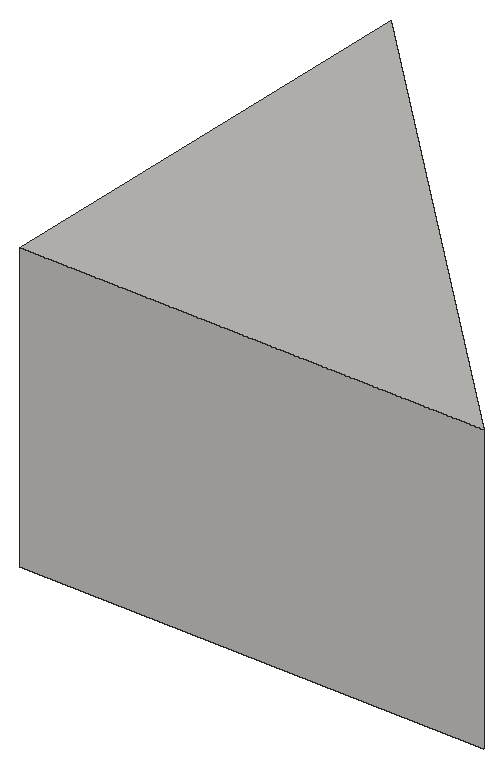
Revit family "Bench_Triangle_Noble", category Specialty Equipment, host Face, Revit 2015
Parameters (values of type "Large Triangular #402")
  Width = 32 1/2"
  URL = "www.noblecompany.com"
  Type Comments = ""
  Triangle = yes
  Tile [instance] = Stainless Steel - Brushed
  Product Properties = "http://www.noblecompany.com/Portals/0/PRODUCT%20INFO/Product%20Descriptions/FreeStyle%20Linear%20Drain%20Product%20Decription%200410.pdf"
  Product Data = "http://www.noblecompany.com/Products/ShowerProducts/tabid/59/Default.aspx"
  Model = ""
  Manufacturer Phone - Toll Free = "800-878-5788"
  Manufacturer Phone = "231-799-8000"
  Manufacturer Fax = "231-799-8850"
  Manufacturer Email = "mailto:sales@noblecompany.com"
  Manufacturer Address = "7300 Enterprise Drive, Spring Lake, MI  49456 USA"
  Manufacturer = "Noble Company"
  Length = 32 1/2"
  Installation-Fabrication = "http://www.noblecompany.com/Portals/0/PRODUCT%20INFO/Product%20Descriptions/FreeStyle%20Linear%20Drain%20Product%20Decription%200410.pdf"
  Height = 20"
  Description = "Freestyle 24 ABS - Wave Linear Drain"
  Building Codes = "http://www.noblecompany.com/Portals/0/TECHNICAL%20INFO/Listing_Testing_Certification_Reports/PMG-1065%20Noble%20Company%20Linear%20Drain%20final%202.pdf"
  Base = Polymer coated Expanded Polystyrene
  Assembly Code = "D2030300"
  Default Elevation = 0"
Types (2): name | Width | Length
  Large Triangular #402 | 32 1/2" | 32 1/2"
  Small Triangular #400 | 22" | 22"
Reference planes (in)
  plane 1 "Center (Front/Back)": y = 0
  plane 2: z = 0
  plane 3 "Center (Left/Right)": x = 0
  plane 4: x = 32.5
  plane 5: y = 32.5
  plane 6: z = 20
Forms (in)
  Extrusion 1, solid, material "Polymer coated Expanded Polystyrene" <- "Base"
    sketch origin (0, 0, 0) x (1, 0, 0) y (0, 1, 0)
      loop
        line (0, 0) -> (32.5, 0) -> (0, 32.5) -> (0, 0)
    from 0 to 20
Dimensions and locks (in)
  "Height": plane 6 to level
  "Length": plane 1 "Center (Front/Back)" to plane 5
  "Width": plane 3 "Center (Left/Right)" to plane 4
  aligned and locked: plane 2 to host face
  aligned and locked: level to host face
  aligned and locked: plane 1 "Center (Front/Back)" to Extrusion 1 sketch curve
  aligned and locked: plane 6 to Extrusion 1
Automatic sketch dimensions
  host sketch curve to host sketch curve = 56 1/2"
  host sketch curve to host sketch curve = 49.54642"
  Extrusion 1 sketch curve to plane 4 = 0"
  Extrusion 1 sketch curve to plane 5 = 0"
  Extrusion 1 sketch curve to plane 3 "Center (Left/Right)" = 0"
